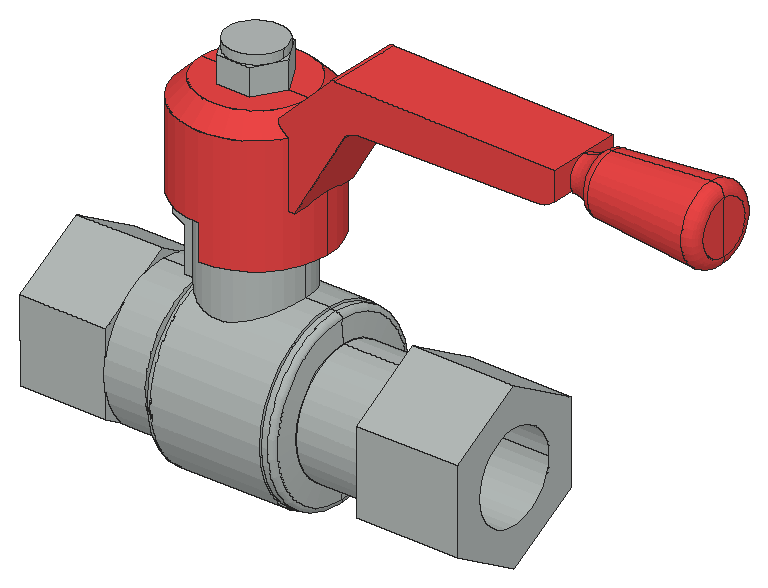
Revit family "QD15900000", category Apparecchi idraulici, Revit 2020
Family settings
  Quota connettore circolare = Usa diametro
  Tipo di parte = Normale
  Numero OmniClass = 23.45.00.00
  Titolo OmniClass = Sanitary, Laundry, and Cleaning Equipment
  Basato su piano di lavoro = No
  Sempre verticale = Sì
  Taglio con vuoti quando caricato = No
  Condiviso = No
  Punto di calcolo locali = No
Parameters
  URL = "https://web.cimberio.com/index.php/figura/260?subcategoria_id="
  Temperatura di esercizio = "-20 ÷ 90°C"
  Prospetto di default = 0 mm
  Produttore = "CIMBERIO SPA"
  Pressione nominale = "PN 16"
  Modello = "Cim 256"
  Materiale = "Prodotto in lega di ottone conforme alla norma EN 12165-CW617N-DW"
  Descrizione = "Utilizzato nei più svariati settori dell'impiantistica: reti di distribuzione acqua potabile, impianti di riscaldamento, condizionamento, igienico-sanitari e in generale con ogni fluido non corrosivo"
  DN Model [instance] = QD15901015 : QD15901015
  DN [instance] = 15 mm
  Commenti sul tipo = "Realizzato in ottemperanza ai requisiti gestionali della norma EN ISO 9001.\r\nCollaudato al 100% secondo la normativa EN 12266-1"
Reference planes
  plane 1 "Centro (Fronte/Retro)": y = 0
  plane 2: z = 0
  plane 3 "Centro (Sinistra/Destra)": x = 0
Dimensions and locks
  aligned and locked: level to plane 2
Nested families
  nested 1: "QD15901015" at (0, 0, 0), type <- "DN Model", type "QD15901015"
  nested 2: "QD15901015" at (0, 0, 0), type <- "DN Model", type "QD15901015"
  nested 3: "QD15901015" at (0, 0, 0), type <- "DN Model", type "QD15901015"
  nested 4: "QD15901015" at (0, 0, 0), type <- "DN Model", type "QD15901015"
  nested 5: "QD15901015" at (0, 0, 0), type <- "DN Model", type "QD15901015"
  nested 6: "QD15901015" at (0, 0, 0), type <- "DN Model", type "QD15901015"
Connectors
  piping at (44.1, 0, 0), diameter 15, driven by "DN"
    settings: on nested 1, index 1, connector inside diameter 609.6 mm, connector length 0 mm, flow factor 0, pipe flow 0.0 L/s, pressure drop 0.0 Pa, fitting loss kfactor 0, connector angle 0.00°, fixture units 0, engagement length 0 mm, angle of deflection 0.00°, flow configuration 0, flow direction 0, fitting loss method 0, system type 7, joint type 0, gender type 0, connector reference index -1, connector utility 0, adjustable connector no, is connector primary yes, connector description ""
  piping at (-30.6, 0, 0), diameter 15, driven by "DN"
    settings: on nested 1, index 2, connector inside diameter 609.6 mm, connector length 0 mm, flow factor 0, pipe flow 0.0 L/s, pressure drop 0.0 Pa, fitting loss kfactor 0, connector angle 0.00°, fixture units 0, engagement length 0 mm, angle of deflection 0.00°, flow configuration 0, flow direction 0, fitting loss method 0, system type 7, joint type 0, gender type 0, connector reference index -1, connector utility 0, adjustable connector no, is connector primary no, connector description ""
Definition of nested family "QD15901015"
  Parameters (values of type "QD15901015")
    Default Elevation = 0 mm
  Reference planes
    plane 1 "Centro (Fronte/Retro)": y = 0
    plane 2: z = 0
    plane 3 "Centro (Sinistra/Destra)": x = 0
  Forms (mm)
    Revolve 1, solid
      sketch origin (0, 0, 0) x (1, 0, 0) y (0, 0, 1)
        loop
          line (-6.08, -15) -> (12.6, -15) -> (12.6, -7.5) -> (-16, -7.5) -> (-16, -12.5) -> (-9, -12.5) -> (-6.797, -14.703)
          arc (-6.797, -14.703) -> (-6.468, -14.923) -> (-6.08, -15) r 1.015
        axis (-16, 0) -> (12.6, 0)
      angle from 0 to 360
    Extrusion 2, solid
      sketch origin (-16, 0, 0) x (0, 0, 1) y (0, 1, 0)
        loop
          circle (0, 0) r 7.5
        loop
          line (-14, 0) -> (-7, -12.124) -> (7, -12.124) -> (14, 0) -> (7, 12.124) -> (-7, 12.124) -> (-14, 0)
      from 0 to 14.6
    Extrusion 3, solid
      sketch origin (16, 0, 0) x (0, 0, 1) y (0, -1, 0)
        loop
          circle (0, 0) r 7.5
        loop
          line (-14, 0) -> (-7, -12.124) -> (7, -12.124) -> (14, 0) -> (7, 12.124) -> (-7, 12.124) -> (-14, 0)
      from 10.85 to 28.1
    Extrusion 4, solid
      sketch origin (0, 0, 28.55) x (1, 0, 0) y (0, 1, 0)
        loop
          circle (0, 0) r 8.45
        loop
          circle (0, 0) r 6.348
      from -20.832 to 5.337
    Revolve 5, solid
      sketch origin (0, 0, 0) x (1, 0, 0) y (0, 0, 1)
        loop
          line (0, 45.845) -> (-9.25, 45.845) -> (-12.25, 42.845) -> (-12.25, 22.845) -> (-8.92, 22.845) -> (-8.92, 33.247) -> (0, 33.247) -> (0, 45.845)
        axis (0, 45.845) -> (0, 22.845)
      angle from 0 to 360
    Extrusion 6, void
      sketch origin (0, 0, 28.55) x (1, 0, 0) y (0, 1, 0)
        loop
          line (-8.682, 0) -> (-12.25, 0)
          arc (-12.25, 0) -> (-8.662, -8.662) -> (0, -12.25) r 12.25
          line (0, -12.25) -> (0, -7.437)
          arc (0, -7.437) -> (-5.627, -5.22) -> (-8.682, 0) r 9.25
      from -7.705 to 0.295
    Extrusion 7, solid
      sketch origin (0, 0, 0) x (1, 0, 0) y (0, 0, 1)
        loop
          line (-13, 26.345) -> (-13, 21.045) -> (-11, 19.89) -> (-11, 11.799) -> (-6.613, 11.799) -> (-6.613, 26.345) -> (-13, 26.345)
      from 0 to 1.497
    Extrusion 8, solid
      sketch origin (0, 0, 45.845) x (0, 1, 0) y (-1, 0, 0)
        loop
          line (0, 5.6) -> (-4.85, 2.8) -> (-4.85, -2.8) -> (0, -5.6) -> (4.85, -2.8) -> (4.85, 2.8) -> (0, 5.6)
      from 0 to 4.5
    Extrusion 9, solid
      sketch origin (0, 0, 50.345) x (0, 1, 0) y (-1, 0, 0)
        loop
          circle (0, 0) r 4.75
      from 0 to 1.5
    Extrusion 10, solid
      sketch origin (0, 0, 0) x (1, 0, 0) y (0, 0, 1)
        loop
          line (8.835, 45.18) -> (10.419, 31.727) -> (11.604, 31.727) -> (19.912, 46.115)
          arc (19.912, 46.115) -> (20.811, 47.022) -> (22.041, 47.365) r 2.5
          line (22.041, 47.365) -> (52.5, 47.796)
          arc (52.5, 47.796) -> (54.381, 48.092) -> (56, 49.094) r 4.822
          line (56, 49.094) -> (56.001, 53.845) -> (18.495, 54.336)
          arc (18.495, 54.336) -> (18.067, 54.28) -> (17.703, 54.048) r 0.997
          line (17.703, 54.048) -> (8.835, 45.18)
      from -6.25 to 6.25
    Revolve 11, solid
      sketch origin (0, 0, 0) x (1, 0, 0) y (0, 0, 1)
        loop
          line (80, 50.8) -> (80, 55.307)
          arc (80, 55.307) -> (79.354, 56.779) -> (77.832, 57.3) r 2
          line (77.832, 57.3) -> (60.805, 55.868)
          arc (60.805, 55.868) -> (60.126, 55.687) -> (59.552, 55.283) r 2.003
          arc (59.552, 55.283) -> (57.923, 54.201) -> (56.001, 53.845) r 4.874
          line (56.001, 53.845) -> (56.001, 50.8) -> (80, 50.8)
        axis (80, 50.8) -> (56.001, 50.8)
      angle from 0 to 360
    Revolve 12, solid
      sketch origin (0, 0, 0) x (1, 0, 0) y (0, 0, 1)
        loop
          line (12.6, 7.5) -> (14.994, 7.5) -> (14.994, 10.25) -> (14.68, 13.836)
          arc (14.68, 13.836) -> (14.36, 14.487) -> (13.684, 14.75) r 1
          line (13.684, 14.75) -> (12.6, 14.75) -> (12.6, 7.5)
        axis (12.6, 0) -> (14.994, 0)
      angle from 0 to 360
    Revolve 13, solid
      sketch origin (0, 0, 0) x (1, 0, 0) y (0, 0, 1)
        loop
          line (14.994, 10.25) -> (14.994, 7.5) -> (26.85, 7.5) -> (26.85, 10.25) -> (14.994, 10.25)
        axis (14.994, 0) -> (26.85, 0)
      angle from 0 to 360
  Cuts and joins
    Extrusion 6 cuts Revolve 5
    joined: Revolve 1, Extrusion 4, Extrusion 7
  Dimensions and locks
    aligned and locked: level to plane 2
